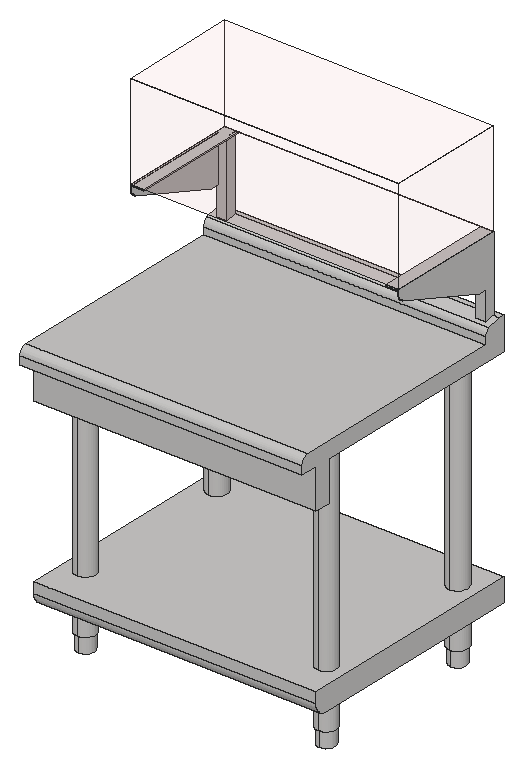
Revit family "QF_MOFFAT WALDORF_BTL8900S-LS", category Specialty Equipment, Revit 2012
Parameters
  Weight in Pounds = 165.3465  # constant formula
  Width [instance] = 900.00 mm  # constant formula
  URL Cutsheet = "www.moffat.com"
  URL = "www.moffat.com"
  Type Mark [instance] = ""
  Status [instance] = ""
  Specification by User [instance] = ""
  Specification by Manufacturer = ""
  Show Clearance [instance] = yes
  Show Casters [instance] = no
  Serial Number = ""
  Seismic Rating = ""
  SMACNA No = ""
  Revision Code [instance] = ""
  Omniclass Number and Title = ""
  NAFEM Spec ID Number = ""
  Model = "BTL8900S-LS"
  Masterspec = ""
  Manufacturer = "MOFFAT WALDORF"
  Legs [instance] = not(Show Casters)  # yes
  Item Number [instance] = ""
  Installed By [instance] = ""
  Identify Quantity as Lot [instance] = yes
  Height = 972.00 mm  # constant formula
  Furnished By [instance] = ""
  Foodservice Equipment Identifier [instance] = yes
  Description = "BENCH TOP LOW SPLASHBACK FOR SALAMANDER ON LEG STAND"
  Depth [instance] = 805.00 mm  # constant formula
  CSI MasterFormat = ""
  CSI Master Format = ""
  Back Splash [instance] = 215.00 mm  # constant formula
Reference planes
  plane 1 "BACK": y = 0
  plane 2: z = 0
  plane 3 "LEFT": x = 0
  plane 4 "RIGHT": x = 900
  plane 5 "FRONT": y = -805
  plane 6 "TOP": z = 972
  plane 7 "Center Y": x = 450
  plane 8 "Center X": y = -402.5
  plane 9 "Base Height": z = 150
  plane 10: z = 915
  plane 11: x = 65
  plane 12: x = 834
  plane 13: y = -625
  plane 14: y = -100
  plane 15: x = 21.48
Forms (mm)
  Extrusion 1, solid, material "QF_Finishes_Stainless Steel"
    sketch origin (0, 0, 0) x (0, 1, 0) y (0, 0, 1)
      loop
        line (0, 222.5) -> (-749, 222.5) -> (-749, 188)
        arc (-749, 188) -> (-737.87, 161.13) -> (-711, 150) r 38
        line (-711, 150) -> (0, 150) -> (0, 222.5)
      loop
        line (-805, 893) -> (-805, 868) -> (-749, 868) -> (-749, 740) -> (-699, 740) -> (-699, 868) -> (0, 868) -> (0, 972) -> (-16.5, 972) -> (-58, 960.88)
        arc (-58, 960.88) -> (-66.785, 952.095) -> (-70, 940.095) r 24
        line (-70, 940.095) -> (-70, 917) -> (-781, 917)
        arc (-781, 917) -> (-797.971, 909.971) -> (-805, 893) r 24
    from 0 to 900
  Extrusion 2, solid, material "QF_Finishes_Stainless Steel"
    sketch origin (0, -699, 222.5) x (0, -1, 0) y (1, 0, 0)
      loop
        circle (-599, 65) r 31.75
      loop
        circle (-599, 834) r 31.75
      loop
        circle (-74, 65) r 31.75
      loop
        circle (-74, 834) r 31.75
    from 0 to 645.5
  Revolve 3, solid, material "QF_Finishes_Stainless Steel", visible <- "Legs"
    sketch origin (834, -210, 0) x (0, 1, 0) y (0, 0, -1)
      loop
        line (78.25, -150) -> (110, -150) -> (110, 0) -> (82.5, 0) -> (82.5, -50) -> (78.25, -50) -> (78.25, -150)
      axis (110, -150) -> (110, 0)
    angle from 0 to 360
  Revolve 4, solid, material "QF_Finishes_Stainless Steel"
    sketch origin (834, -735, 0) x (0, 1, 0) y (0, 0, -1)
      loop
        line (78.25, -150) -> (110, -150) -> (110, 0) -> (82.5, 0) -> (82.5, -50) -> (78.25, -50) -> (78.25, -150)
      axis (110, -150) -> (110, 0)
    angle from 0 to 360
  Revolve 5, solid, material "QF_Finishes_Stainless Steel", visible <- "Legs"
    sketch origin (65, -210, 0) x (0, 1, 0) y (0, 0, -1)
      loop
        line (78.25, -150) -> (110, -150) -> (110, 0) -> (82.5, 0) -> (82.5, -50) -> (78.25, -50) -> (78.25, -150)
      axis (110, -150) -> (110, 0)
    angle from 0 to 360
  Revolve 6, solid, material "QF_Finishes_Stainless Steel"
    sketch origin (65, -735, 0) x (0, 1, 0) y (0, 0, -1)
      loop
        line (78.25, -150) -> (110, -150) -> (110, 0) -> (82.5, 0) -> (82.5, -50) -> (78.25, -50) -> (78.25, -150)
      axis (110, -150) -> (110, 0)
    angle from 0 to 360
  Extrusion 7, solid, material "QF_Finishes_Stainless Steel"
    sketch origin (0, 0, 0) x (0, 1, 0) y (0, 0, 1)
      loop
        line (-13, 1204.5) -> (-45, 1204.5) -> (-45, 964.363) -> (-16.5, 972) -> (-13, 972) -> (-13, 1204.5)
    from 21.5 to 53.5
  Extrusion 8, solid, material "QF_Finishes_Stainless Steel"
    sketch origin (-0.02, 0, -158) x (0, 1, 0) y (0, 0, 1)
      loop
        line (-391, 1365) -> (-391, 1352.344)
        arc (-391, 1352.344) -> (-386.541, 1338.094) -> (-374.754, 1328.927) r 25
        line (-374.754, 1328.927) -> (-70, 1215) -> (-13, 1215) -> (-13, 1365) -> (-391, 1365)
    from 21.5 to 24.592
  Extrusion 9, solid, material "QF_Finishes_Stainless Steel"
    sketch origin (0, -391, 1204.5) x (0, 1, 0) y (-1, 0, 0)
      loop
        line (378, -24.592) -> (0, -24.592) -> (0, -64) -> (378, -64) -> (378, -24.592)
    from 0 to 2.5
  Extrusion 10, solid, material "QF_Finishes_Stainless Steel"
    sketch origin (900, 0, 0) x (0, -1, 0) y (0, 0, 1)
      loop
        line (13, 1204.5) -> (13, 972) -> (16.5, 972) -> (45, 964.363) -> (45, 1204.5) -> (13, 1204.5)
    from 21.5 to 53.5
  Extrusion 11, solid, material "QF_Finishes_Stainless Steel"
    sketch origin (900, 0, 0) x (0, -1, 0) y (0, 0, 1)
      loop
        line (391, 1207) -> (13, 1207) -> (13, 1057) -> (70, 1057) -> (374.754, 1170.927)
        arc (374.754, 1170.927) -> (386.541, 1180.094) -> (391, 1194.344) r 25
        line (391, 1194.344) -> (391, 1207)
    from 21.5 to 24.592
  Extrusion 12, solid, material "QF_Finishes_Stainless Steel"
    sketch origin (900, -391, 1204.5) x (0, 1, 0) y (-1, 0, 0)
      loop
        line (378, 24.592) -> (378, 64) -> (0, 64) -> (0, 24.592) -> (378, 24.592)
    from 0 to 2.5
  Extrusion 13, solid, material "QF_Clearance", visible <- "Show Clearance"
    sketch origin (0, -391, 1207) x (0, 1, 0) y (-1, 0, 0)
      loop
        line (0, -21.48) -> (0, -878.5) -> (378, -878.5) -> (378, -21.48) -> (0, -21.48)
    from 0 to 304.8
Cuts and joins
  joined: Extrusion 7, Extrusion 8, Extrusion 9
  joined: Extrusion 10, Extrusion 11, Extrusion 12
Lines and regions (mm)
  Split face 1
    outline origin (0, -16.5, 972) x (0, -0.965926, -0.258819) y (1, 0, 0)
      loop
        line (1.962, 129.583) -> (29.642, 129.583) -> (29.642, 149.583) -> (1.962, 149.583) -> (1.962, 129.583)
  Split face 2
    outline origin (0, -16.5, 972) x (0, -0.965926, -0.258819) y (1, 0, 0)
      loop
        line (29.642, 156.5) -> (29.642, 176.5) -> (1.962, 176.5) -> (1.962, 156.5) -> (29.642, 156.5)
  Split face 3
    outline origin (0, -16.5, 972) x (0, -0.965926, -0.258819) y (1, 0, 0)
      loop
        line (29.642, 203.5) -> (1.962, 203.5) -> (1.962, 183.5) -> (29.642, 183.5) -> (29.642, 203.5)
  Split face 4
    outline origin (0, -16.5, 972) x (0, -0.965926, -0.258819) y (1, 0, 0)
      loop
        line (29.642, 230.5) -> (1.962, 230.5) -> (1.962, 210.5) -> (29.642, 210.5) -> (29.642, 230.5)
  Split face 5
    outline origin (0, -16.5, 972) x (0, -0.965926, -0.258819) y (1, 0, 0)
      loop
        line (29.642, 257.5) -> (1.962, 257.5) -> (1.962, 237.5) -> (29.642, 237.5) -> (29.642, 257.5)
  Split face 6
    outline origin (0, -16.5, 972) x (0, -0.965926, -0.258819) y (1, 0, 0)
      loop
        line (29.642, 264.5) -> (29.642, 284.5) -> (1.962, 284.5) -> (1.962, 264.5) -> (29.642, 264.5)
  Split face 7
    outline origin (0, -16.5, 972) x (0, -0.965926, -0.258819) y (1, 0, 0)
      loop
        line (29.642, 311.5) -> (1.962, 311.5) -> (1.962, 291.5) -> (29.642, 291.5) -> (29.642, 311.5)
  Split face 8
    outline origin (0, -16.5, 972) x (0, -0.965926, -0.258819) y (1, 0, 0)
      loop
        line (1.962, 338.5) -> (1.962, 318.5) -> (29.642, 318.5) -> (29.642, 338.5) -> (1.962, 338.5)
  Split face 9
    outline origin (0, -16.5, 972) x (0, -0.965926, -0.258819) y (1, 0, 0)
      loop
        line (1.962, 345.5) -> (29.642, 345.5) -> (29.642, 365.5) -> (1.962, 365.5) -> (1.962, 345.5)
  Split face 10
    outline origin (0, -16.5, 972) x (0, -0.965926, -0.258819) y (1, 0, 0)
      loop
        line (29.642, 372.5) -> (29.642, 392.5) -> (1.962, 392.5) -> (1.962, 372.5) -> (29.642, 372.5)
  Split face 11
    outline origin (0, -16.5, 972) x (0, -0.965926, -0.258819) y (1, 0, 0)
      loop
        line (29.642, 399.5) -> (29.642, 419.5) -> (1.962, 419.5) -> (1.962, 399.5) -> (29.642, 399.5)
  Split face 12
    outline origin (0, -16.5, 972) x (0, -0.965926, -0.258819) y (1, 0, 0)
      loop
        line (29.642, 426.5) -> (29.642, 446.5) -> (1.962, 446.5) -> (1.962, 426.5) -> (29.642, 426.5)
  Split face 13
    outline origin (0, -16.5, 972) x (0, -0.965926, -0.258819) y (1, 0, 0)
      loop
        line (1.962, 453.5) -> (29.642, 453.5) -> (29.642, 473.5) -> (1.962, 473.5) -> (1.962, 453.5)
  Split face 14
    outline origin (0, -16.5, 972) x (0, -0.965926, -0.258819) y (1, 0, 0)
      loop
        line (1.962, 500.5) -> (1.962, 480.5) -> (29.642, 480.5) -> (29.642, 500.5) -> (1.962, 500.5)
  Split face 15
    outline origin (0, -16.5, 972) x (0, -0.965926, -0.258819) y (1, 0, 0)
      loop
        line (29.642, 527.5) -> (1.962, 527.5) -> (1.962, 507.5) -> (29.642, 507.5) -> (29.642, 527.5)
  Split face 16
    outline origin (0, -16.5, 972) x (0, -0.965926, -0.258819) y (1, 0, 0)
      loop
        line (29.642, 534.5) -> (29.642, 554.5) -> (1.962, 554.5) -> (1.962, 534.5) -> (29.642, 534.5)
  Split face 17
    outline origin (0, -16.5, 972) x (0, -0.965926, -0.258819) y (1, 0, 0)
      loop
        line (29.642, 581.5) -> (1.962, 581.5) -> (1.962, 561.5) -> (29.642, 561.5) -> (29.642, 581.5)
  Split face 18
    outline origin (0, -16.5, 972) x (0, -0.965926, -0.258819) y (1, 0, 0)
      loop
        line (29.642, 588.5) -> (29.642, 608.5) -> (1.962, 608.5) -> (1.962, 588.5) -> (29.642, 588.5)
  Split face 19
    outline origin (0, -16.5, 972) x (0, -0.965926, -0.258819) y (1, 0, 0)
      loop
        line (29.642, 615.5) -> (29.642, 635.5) -> (1.962, 635.5) -> (1.962, 615.5) -> (29.642, 615.5)
  Split face 20
    outline origin (0, -16.5, 972) x (0, -0.965926, -0.258819) y (1, 0, 0)
      loop
        line (29.642, 662.5) -> (1.962, 662.5) -> (1.962, 642.5) -> (29.642, 642.5) -> (29.642, 662.5)
  Split face 21
    outline origin (0, -16.5, 972) x (0, -0.965926, -0.258819) y (1, 0, 0)
      loop
        line (29.642, 669.5) -> (29.642, 689.5) -> (1.962, 689.5) -> (1.962, 669.5) -> (29.642, 669.5)
  Split face 22
    outline origin (0, -16.5, 972) x (0, -0.965926, -0.258819) y (1, 0, 0)
      loop
        line (29.642, 696.5) -> (29.642, 716.5) -> (1.962, 716.5) -> (1.962, 696.5) -> (29.642, 696.5)
  Split face 23
    outline origin (0, -16.5, 972) x (0, -0.965926, -0.258819) y (1, 0, 0)
      loop
        line (29.642, 743.5) -> (1.962, 743.5) -> (1.962, 723.5) -> (29.642, 723.5) -> (29.642, 743.5)
  Split face 24
    outline origin (0, -16.5, 972) x (0, -0.965926, -0.258819) y (1, 0, 0)
      loop
        line (1.962, 750.5) -> (29.642, 750.5) -> (29.642, 770.5) -> (1.962, 770.5) -> (1.962, 750.5)
  symbolic lines
    curve 1: line (0, 0, 0) -> (0, -805, 0)
    curve 2: line (900, 0, 0) -> (0, 0, 0)
    curve 3: line (900, -805, 0) -> (900, 0, 0)
    curve 4: line (0, -70, 0) -> (21.48, -70, 0)
    curve 5: line (0, -805, 0) -> (900, -805, 0)
    curve 6: line (129.583, -22.262, 0) -> (129.583, -50.526, 0)
    curve 7: line (129.583, -50.526, 0) -> (149.583, -50.526, 0)
    curve 8: line (149.583, -50.526, 0) -> (149.583, -22.262, 0)
    curve 9: line (149.583, -22.262, 0) -> (129.583, -22.262, 0)
    curve 10: line (156.5, -22.262, 0) -> (156.5, -50.526, 0)
    curve 11: line (156.5, -50.526, 0) -> (176.5, -50.526, 0)
    curve 12: line (176.5, -50.526, 0) -> (176.5, -22.262, 0)
    curve 13: line (176.5, -22.262, 0) -> (156.5, -22.262, 0)
    curve 14: line (183.5, -22.262, 0) -> (183.5, -50.526, 0)
    curve 15: line (183.5, -50.526, 0) -> (203.5, -50.526, 0)
    curve 16: line (203.5, -50.526, 0) -> (203.5, -22.262, 0)
    curve 17: line (203.5, -22.262, 0) -> (183.5, -22.262, 0)
    curve 18: line (210.5, -22.262, 0) -> (210.5, -50.526, 0)
    curve 19: line (210.5, -50.526, 0) -> (230.5, -50.526, 0)
    curve 20: line (230.5, -50.526, 0) -> (230.5, -22.262, 0)
    curve 21: line (230.5, -22.262, 0) -> (210.5, -22.262, 0)
    curve 22: line (237.5, -22.262, 0) -> (237.5, -50.526, 0)
    curve 23: line (237.5, -50.526, 0) -> (257.5, -50.526, 0)
    curve 24: line (257.5, -50.526, 0) -> (257.5, -22.262, 0)
    curve 25: line (257.5, -22.262, 0) -> (237.5, -22.262, 0)
    curve 26: line (264.5, -22.262, 0) -> (264.5, -50.526, 0)
    curve 27: line (264.5, -50.526, 0) -> (284.5, -50.526, 0)
    curve 28: line (284.5, -50.526, 0) -> (284.5, -22.262, 0)
    curve 29: line (284.5, -22.262, 0) -> (264.5, -22.262, 0)
    curve 30: line (291.5, -22.262, 0) -> (291.5, -50.526, 0)
    curve 31: line (291.5, -50.526, 0) -> (311.5, -50.526, 0)
    curve 32: line (311.5, -50.526, 0) -> (311.5, -22.262, 0)
    curve 33: line (311.5, -22.262, 0) -> (291.5, -22.262, 0)
    curve 34: line (318.5, -22.262, 0) -> (318.5, -50.526, 0)
    curve 35: line (318.5, -50.526, 0) -> (338.5, -50.526, 0)
    curve 36: line (338.5, -50.526, 0) -> (338.5, -22.262, 0)
    curve 37: line (338.5, -22.262, 0) -> (318.5, -22.262, 0)
    curve 38: line (345.5, -22.262, 0) -> (345.5, -50.526, 0)
    curve 39: line (345.5, -50.526, 0) -> (365.5, -50.526, 0)
    curve 40: line (365.5, -50.526, 0) -> (365.5, -22.262, 0)
    curve 41: line (365.5, -22.262, 0) -> (345.5, -22.262, 0)
    curve 42: line (372.5, -22.262, 0) -> (372.5, -50.526, 0)
    curve 43: line (372.5, -50.526, 0) -> (392.5, -50.526, 0)
    curve 44: line (392.5, -50.526, 0) -> (392.5, -22.262, 0)
    curve 45: line (392.5, -22.262, 0) -> (372.5, -22.262, 0)
    curve 46: line (399.5, -22.262, 0) -> (399.5, -50.526, 0)
    curve 47: line (399.5, -50.526, 0) -> (419.5, -50.526, 0)
    curve 48: line (419.5, -50.526, 0) -> (419.5, -22.262, 0)
    curve 49: line (419.5, -22.262, 0) -> (399.5, -22.262, 0)
    curve 50: line (426.5, -22.262, 0) -> (426.5, -50.526, 0)
    curve 51: line (426.5, -50.526, 0) -> (446.5, -50.526, 0)
    curve 52: line (446.5, -50.526, 0) -> (446.5, -22.262, 0)
    curve 53: line (446.5, -22.262, 0) -> (426.5, -22.262, 0)
    curve 54: line (453.5, -22.262, 0) -> (453.5, -50.526, 0)
    curve 55: line (453.5, -50.526, 0) -> (473.5, -50.526, 0)
    curve 56: line (473.5, -50.526, 0) -> (473.5, -22.262, 0)
    curve 57: line (473.5, -22.262, 0) -> (453.5, -22.262, 0)
    curve 58: line (480.5, -22.262, 0) -> (480.5, -50.526, 0)
    curve 59: line (480.5, -50.526, 0) -> (500.5, -50.526, 0)
    curve 60: line (500.5, -50.526, 0) -> (500.5, -22.262, 0)
    curve 61: line (500.5, -22.262, 0) -> (480.5, -22.262, 0)
    curve 62: line (507.5, -22.262, 0) -> (507.5, -50.526, 0)
    curve 63: line (507.5, -50.526, 0) -> (527.5, -50.526, 0)
    curve 64: line (527.5, -50.526, 0) -> (527.5, -22.262, 0)
    curve 65: line (527.5, -22.262, 0) -> (507.5, -22.262, 0)
    curve 66: line (534.5, -22.262, 0) -> (534.5, -50.526, 0)
    curve 67: line (534.5, -50.526, 0) -> (554.5, -50.526, 0)
    curve 68: line (554.5, -50.526, 0) -> (554.5, -22.262, 0)
    curve 69: line (554.5, -22.262, 0) -> (534.5, -22.262, 0)
    curve 70: line (561.5, -22.262, 0) -> (561.5, -50.526, 0)
    curve 71: line (561.5, -50.526, 0) -> (581.5, -50.526, 0)
    curve 72: line (581.5, -50.526, 0) -> (581.5, -22.262, 0)
    curve 73: line (581.5, -22.262, 0) -> (561.5, -22.262, 0)
    curve 74: line (588.5, -22.262, 0) -> (588.5, -50.526, 0)
    curve 75: line (588.5, -50.526, 0) -> (608.5, -50.526, 0)
    curve 76: line (608.5, -50.526, 0) -> (608.5, -22.262, 0)
    curve 77: line (608.5, -22.262, 0) -> (588.5, -22.262, 0)
    curve 78: line (615.5, -22.262, 0) -> (615.5, -50.526, 0)
    curve 79: line (615.5, -50.526, 0) -> (635.5, -50.526, 0)
    curve 80: line (635.5, -50.526, 0) -> (635.5, -22.262, 0)
    curve 81: line (635.5, -22.262, 0) -> (615.5, -22.262, 0)
    curve 82: line (642.5, -22.262, 0) -> (642.5, -50.526, 0)
    curve 83: line (642.5, -50.526, 0) -> (662.5, -50.526, 0)
    curve 84: line (662.5, -50.526, 0) -> (662.5, -22.262, 0)
    curve 85: line (662.5, -22.262, 0) -> (642.5, -22.262, 0)
    curve 86: line (669.5, -22.262, 0) -> (669.5, -50.526, 0)
    curve 87: line (669.5, -50.526, 0) -> (689.5, -50.526, 0)
    curve 88: line (689.5, -50.526, 0) -> (689.5, -22.262, 0)
    curve 89: line (689.5, -22.262, 0) -> (669.5, -22.262, 0)
    curve 90: line (696.5, -22.262, 0) -> (696.5, -50.526, 0)
    curve 91: line (696.5, -50.526, 0) -> (716.5, -50.526, 0)
    curve 92: line (716.5, -50.526, 0) -> (716.5, -22.262, 0)
    curve 93: line (716.5, -22.262, 0) -> (696.5, -22.262, 0)
    curve 94: line (723.5, -22.262, 0) -> (723.5, -50.526, 0)
    curve 95: line (723.5, -50.526, 0) -> (743.5, -50.526, 0)
    curve 96: line (743.5, -50.526, 0) -> (743.5, -22.262, 0)
    curve 97: line (743.5, -22.262, 0) -> (723.5, -22.262, 0)
    curve 98: line (750.5, -22.262, 0) -> (750.5, -50.526, 0)
    curve 99: line (750.5, -50.526, 0) -> (770.5, -50.526, 0)
    curve 100: line (770.5, -50.526, 0) -> (770.5, -22.262, 0)
    curve 101: line (770.5, -22.262, 0) -> (750.5, -22.262, 0)
    curve 102: line (21.48, -391, 0) -> (21.48, -13, 0)
    curve 103: line (24.592, -391, 0) -> (64, -391, 0)
    curve 104: line (64, -391, 0) -> (64, -13, 0)
    curve 105: line (64, -13, 0) -> (21.48, -13, 0)
    curve 106: line (878.52, -391, 0) -> (878.52, -13, 0)
    curve 107: line (875.408, -391, 0) -> (836, -391, 0)
    curve 108: line (836, -391, 0) -> (836, -13, 0)
    curve 109: line (836, -13, 0) -> (878.52, -13, 0)
    curve 110: line (64, -70, 0) -> (836, -70, 0)
    curve 111: line (878.52, -70, 0) -> (900, -70, 0)
  symbolic lines, style "QF_Clearances", visible <- "Show Clearance"
    curve 112: line (21.48, -391, 0) -> (878.5, -391, 0)
    curve 113: line (878.5, -391, 0) -> (878.5, -13, 0)
    curve 114: line (878.5, -13, 0) -> (21.48, -13, 0)
    curve 115: line (21.48, -13, 0) -> (21.48, -391, 0)
Dimensions and locks
  equal spacing: plane 3 "LEFT", plane 7 "Center Y", plane 4 "RIGHT"
  "Width": plane 3 "LEFT" to plane 4 "RIGHT"
  equal spacing: plane 5 "FRONT", plane 8 "Center X", plane 1 "BACK"
  "Depth": plane 5 "FRONT" to plane 1 "BACK"
  locked: plane 10 to level at 915
  locked: plane 9 "Base Height" to level at 150
  plane 6 "TOP" to plane 10 = 57.00 mm
  plane 13 to plane 14 = 525.00 mm
  plane 12 to plane 11 = 769.00 mm
  "Height": plane 6 "TOP" to level
  aligned and locked: level to plane 2
Automatic sketch dimensions
  curve 1 to plane 3 "LEFT" = 0.00 mm
  curve 102 to plane 15 = 0.00 mm
  plane 1 "BACK" to curve 3 = 0.00 mm
  curve 3 to plane 4 "RIGHT" = 0.00 mm
  plane 5 "FRONT" to curve 5 = 0.00 mm
  curve 102 to curve 103 = 3.112 mm
  curve 103 to plane 11 = 1.00 mm
  plane 11 to curve 7 = 64.583 mm
  curve 6 to curve 9 = 20.00 mm
  curve 7 to curve 11 = 6.917 mm
  curve 10 to curve 12 = 20.00 mm
  curve 12 to curve 14 = 7.00 mm
  curve 14 to curve 16 = 20.00 mm
  curve 15 to curve 19 = 7.00 mm
  curve 18 to curve 21 = 20.00 mm
  curve 19 to curve 23 = 7.00 mm
  curve 22 to curve 23 = 20.00 mm
  curve 23 to curve 27 = 7.00 mm
  curve 26 to curve 28 = 20.00 mm
  curve 28 to curve 30 = 7.00 mm
  curve 30 to curve 33 = 20.00 mm
  curve 31 to curve 35 = 7.00 mm
  curve 34 to curve 37 = 20.00 mm
  curve 35 to curve 39 = 7.00 mm
  curve 38 to curve 40 = 20.00 mm
  curve 40 to curve 42 = 7.00 mm
  curve 42 to curve 44 = 20.00 mm
  curve 43 to curve 46 = 7.00 mm
  curve 46 to curve 49 = 20.00 mm
  curve 48 to curve 50 = 7.00 mm
  curve 51 to plane 7 "Center Y" = 3.50 mm
  plane 7 "Center Y" to curve 55 = 3.50 mm
  curve 54 to curve 56 = 20.00 mm
  curve 56 to curve 58 = 7.00 mm
  curve 58 to curve 61 = 20.00 mm
  curve 60 to curve 62 = 7.00 mm
  curve 62 to curve 65 = 20.00 mm
  curve 64 to curve 66 = 7.00 mm
  curve 66 to curve 69 = 20.00 mm
  curve 68 to curve 70 = 7.00 mm
  curve 70 to curve 73 = 20.00 mm
  curve 71 to curve 74 = 7.00 mm
  curve 74 to curve 77 = 20.00 mm
  curve 76 to curve 78 = 7.00 mm
  curve 78 to curve 81 = 20.00 mm
  curve 80 to curve 82 = 7.00 mm
  curve 82 to curve 85 = 20.00 mm
  curve 84 to curve 86 = 7.00 mm
  curve 86 to curve 89 = 20.00 mm
  curve 87 to curve 91 = 7.00 mm
  curve 90 to curve 92 = 20.00 mm
  curve 92 to curve 94 = 7.00 mm
  curve 94 to curve 96 = 20.00 mm
  curve 95 to curve 99 = 7.00 mm
  curve 98 to curve 100 = 20.00 mm
  curve 109 to plane 12 = 2.00 mm
  plane 8 "Center X" to curve 107 = 11.50 mm
  plane 4 "RIGHT" to curve 107 = 24.592 mm
  plane 4 "RIGHT" to curve 106 = 21.48 mm
  plane 8 "Center X" to curve 103 = 11.50 mm
  curve 107 to curve 106 = 0.00 mm
  curve 102 to curve 103 = 0.00 mm
  plane 14 to curve 111 = 30.00 mm
  plane 14 to curve 8 = 49.474 mm
  plane 14 to curve 100 = 49.474 mm
  curve 7 to curve 10 = 0.00 mm
  curve 96 to curve 98 = 0.00 mm  (x2)
  curve 11 to curve 14 = 0.00 mm
  curve 92 to curve 94 = 0.00 mm  (x2)
  curve 15 to curve 18 = 0.00 mm
  curve 88 to curve 90 = 0.00 mm  (x2)
  curve 19 to curve 22 = 0.00 mm
  curve 84 to curve 86 = 0.00 mm  (x2)
  curve 23 to curve 26 = 0.00 mm
  curve 80 to curve 82 = 0.00 mm  (x2)
  curve 27 to curve 30 = 0.00 mm
  curve 76 to curve 78 = 0.00 mm  (x2)
  curve 31 to curve 34 = 0.00 mm
  curve 72 to curve 74 = 0.00 mm  (x2)
  curve 35 to curve 38 = 0.00 mm
  curve 68 to curve 70 = 0.00 mm  (x2)
  curve 39 to curve 42 = 0.00 mm
  curve 64 to curve 66 = 0.00 mm  (x2)
  curve 43 to curve 46 = 0.00 mm
  curve 60 to curve 62 = 0.00 mm  (x2)
  curve 47 to curve 50 = 0.00 mm
  curve 56 to curve 58 = 0.00 mm  (x2)
  plane 1 "BACK" to curve 54 = 22.262 mm
  plane 1 "BACK" to curve 53 = 22.262 mm
  plane 1 "BACK" to curve 49 = 22.262 mm
  plane 1 "BACK" to curve 45 = 22.262 mm
  plane 1 "BACK" to curve 41 = 22.262 mm
  plane 1 "BACK" to curve 37 = 22.262 mm
  plane 1 "BACK" to curve 33 = 22.262 mm
  plane 1 "BACK" to curve 29 = 22.262 mm
  plane 1 "BACK" to curve 25 = 22.262 mm
  plane 1 "BACK" to curve 21 = 22.262 mm
  plane 1 "BACK" to curve 17 = 22.262 mm
  plane 1 "BACK" to curve 13 = 22.262 mm
  plane 1 "BACK" to curve 9 = 22.262 mm
  plane 1 "BACK" to curve 104 = 13.00 mm
  plane 1 "BACK" to curve 108 = 13.00 mm
  Extrusion 2 sketch curve to Extrusion 2 sketch curve = 0.00 mm  (x8)
  Extrusion 1 to Extrusion 2 sketch curve = 68.25 mm  (x2)
  Extrusion 2 sketch curve to Extrusion 2 sketch curve = 31.75 mm  (x4)
  Extrusion 1 to Extrusion 2 sketch curve = 155.75 mm  (x2)
  Extrusion 1 to Extrusion 2 sketch curve = 65.00 mm  (x2)
  Extrusion 1 to Extrusion 2 sketch curve = 66.00 mm  (x2)
  Revolve 3 sketch curve to plane 9 "Base Height" = 0.00 mm
  Revolve 3 sketch curve to level = 0.00 mm
  Revolve 3 sketch curve to plane 14 = 0.00 mm  (x2)
  Revolve 3 sketch curve to plane 14 = 27.50 mm
  Revolve 3 sketch curve to plane 14 = 31.75 mm
  level to Revolve 3 sketch curve = 50.00 mm
  Revolve 3 sketch curve to Revolve 3 sketch curve = 0.00 mm
  Revolve 3 sketch curve to Revolve 3 sketch curve = 55.00 mm
  Revolve 4 sketch curve to plane 9 "Base Height" = 0.00 mm
  Revolve 4 sketch curve to level = 0.00 mm
  Revolve 4 sketch curve to plane 13 = 0.00 mm  (x2)
  Revolve 4 sketch curve to plane 13 = 27.50 mm
  Revolve 4 sketch curve to plane 13 = 31.75 mm
  level to Revolve 4 sketch curve = 50.00 mm
  Revolve 4 sketch curve to Revolve 4 sketch curve = 0.00 mm
  Revolve 4 sketch curve to Revolve 4 sketch curve = 55.00 mm
  Revolve 5 sketch curve to plane 9 "Base Height" = 0.00 mm
  Revolve 5 sketch curve to level = 0.00 mm
  Revolve 5 sketch curve to plane 14 = 0.00 mm  (x2)
  Revolve 5 sketch curve to plane 14 = 27.50 mm
  Revolve 5 sketch curve to plane 14 = 31.75 mm
  level to Revolve 5 sketch curve = 50.00 mm
  Revolve 5 sketch curve to Revolve 5 sketch curve = 0.00 mm
  Revolve 5 sketch curve to Revolve 5 sketch curve = 55.00 mm
  Revolve 6 sketch curve to plane 9 "Base Height" = 0.00 mm
  Revolve 6 sketch curve to level = 0.00 mm
  Revolve 6 sketch curve to plane 13 = 0.00 mm  (x2)
  Revolve 6 sketch curve to plane 13 = 27.50 mm
  Revolve 6 sketch curve to plane 13 = 31.75 mm
  level to Revolve 6 sketch curve = 50.00 mm
  Revolve 6 sketch curve to Revolve 6 sketch curve = 0.00 mm
  Revolve 6 sketch curve to Revolve 6 sketch curve = 55.00 mm
  Extrusion 1 to Split face 1 sketch curve = 1.962 mm
  Split face 1 sketch curve to Extrusion 1 = 13.322 mm
  Split face 1 sketch curve to Extrusion 1 = 129.583 mm
  Split face 1 sketch curve to Split face 1 sketch curve = 20.00 mm
  Extrusion 1 to Split face 2 sketch curve = 1.962 mm
  Split face 2 sketch curve to Extrusion 1 = 13.322 mm
  Split face 2 sketch curve to Extrusion 1 = 156.50 mm
  Split face 2 sketch curve to Split face 2 sketch curve = 20.00 mm
  Extrusion 1 to Split face 3 sketch curve = 1.962 mm
  Split face 3 sketch curve to Extrusion 1 = 13.322 mm
  Split face 3 sketch curve to Extrusion 1 = 183.50 mm
  Split face 3 sketch curve to Split face 3 sketch curve = 20.00 mm
  Extrusion 1 to Split face 4 sketch curve = 1.962 mm
  Split face 4 sketch curve to Extrusion 1 = 13.322 mm
  Split face 4 sketch curve to Extrusion 1 = 210.50 mm
  Split face 4 sketch curve to Split face 4 sketch curve = 20.00 mm
  Extrusion 1 to Split face 5 sketch curve = 1.962 mm
  Split face 5 sketch curve to Extrusion 1 = 13.322 mm
  Split face 5 sketch curve to Extrusion 1 = 237.50 mm
  Split face 5 sketch curve to Split face 5 sketch curve = 20.00 mm
  Extrusion 1 to Split face 6 sketch curve = 1.962 mm
  Split face 6 sketch curve to Extrusion 1 = 13.322 mm
  Split face 6 sketch curve to Extrusion 1 = 264.50 mm
  Split face 6 sketch curve to Split face 6 sketch curve = 20.00 mm
  Extrusion 1 to Split face 7 sketch curve = 1.962 mm
  Split face 7 sketch curve to Extrusion 1 = 13.322 mm
  Split face 7 sketch curve to Extrusion 1 = 291.50 mm
  Split face 7 sketch curve to Split face 7 sketch curve = 20.00 mm
  Extrusion 1 to Split face 8 sketch curve = 1.962 mm
  Split face 8 sketch curve to Extrusion 1 = 13.322 mm
  Split face 8 sketch curve to Extrusion 1 = 318.50 mm
  Split face 8 sketch curve to Split face 8 sketch curve = 20.00 mm
  Extrusion 1 to Split face 9 sketch curve = 1.962 mm
  Split face 9 sketch curve to Extrusion 1 = 13.322 mm
  Split face 9 sketch curve to Extrusion 1 = 345.50 mm
  Split face 9 sketch curve to Split face 9 sketch curve = 20.00 mm
  Extrusion 1 to Split face 10 sketch curve = 1.962 mm
  Split face 10 sketch curve to Extrusion 1 = 13.322 mm
  Split face 10 sketch curve to Extrusion 1 = 372.50 mm
  Split face 10 sketch curve to Split face 10 sketch curve = 20.00 mm
  Extrusion 1 to Split face 11 sketch curve = 1.962 mm
  Split face 11 sketch curve to Extrusion 1 = 13.322 mm
  Split face 11 sketch curve to Extrusion 1 = 399.50 mm
  Split face 11 sketch curve to Split face 11 sketch curve = 20.00 mm
  Extrusion 1 to Split face 12 sketch curve = 1.962 mm
  Split face 12 sketch curve to Extrusion 1 = 13.322 mm
  Split face 12 sketch curve to Extrusion 1 = 426.50 mm
  Split face 12 sketch curve to Split face 12 sketch curve = 20.00 mm
  Extrusion 1 to Split face 13 sketch curve = 1.962 mm
  Split face 13 sketch curve to Extrusion 1 = 13.322 mm
  Split face 13 sketch curve to Extrusion 1 = 446.50 mm
  Split face 13 sketch curve to Split face 13 sketch curve = 20.00 mm
  Extrusion 1 to Split face 14 sketch curve = 1.962 mm
  Split face 14 sketch curve to Extrusion 1 = 13.322 mm
  Split face 14 sketch curve to Extrusion 1 = 419.50 mm
  Split face 14 sketch curve to Split face 14 sketch curve = 20.00 mm
  Extrusion 1 to Split face 15 sketch curve = 1.962 mm
  Split face 15 sketch curve to Extrusion 1 = 13.322 mm
  Split face 15 sketch curve to Extrusion 1 = 392.50 mm
  Split face 15 sketch curve to Split face 15 sketch curve = 20.00 mm
  Extrusion 1 to Split face 16 sketch curve = 1.962 mm
  Split face 16 sketch curve to Extrusion 1 = 13.322 mm
  Split face 16 sketch curve to Extrusion 1 = 365.50 mm
  Split face 16 sketch curve to Split face 16 sketch curve = 20.00 mm
  Extrusion 1 to Split face 17 sketch curve = 1.962 mm
  Split face 17 sketch curve to Extrusion 1 = 13.322 mm
  Split face 17 sketch curve to Extrusion 1 = 338.50 mm
  Split face 17 sketch curve to Split face 17 sketch curve = 20.00 mm
  Extrusion 1 to Split face 18 sketch curve = 1.962 mm
  Split face 18 sketch curve to Extrusion 1 = 13.322 mm
  Split face 18 sketch curve to Extrusion 1 = 311.50 mm
  Split face 18 sketch curve to Split face 18 sketch curve = 20.00 mm
  Extrusion 1 to Split face 19 sketch curve = 1.962 mm
  Split face 19 sketch curve to Extrusion 1 = 13.322 mm
  Split face 19 sketch curve to Extrusion 1 = 284.50 mm
  Split face 19 sketch curve to Split face 19 sketch curve = 20.00 mm
  Extrusion 1 to Split face 20 sketch curve = 1.962 mm
  Split face 20 sketch curve to Extrusion 1 = 13.322 mm
  Split face 20 sketch curve to Extrusion 1 = 257.50 mm
  Split face 20 sketch curve to Split face 20 sketch curve = 20.00 mm
  Extrusion 1 to Split face 21 sketch curve = 1.962 mm
  Split face 21 sketch curve to Extrusion 1 = 13.322 mm
  Split face 21 sketch curve to Extrusion 1 = 230.50 mm
  Split face 21 sketch curve to Split face 21 sketch curve = 20.00 mm
  Extrusion 1 to Split face 22 sketch curve = 1.962 mm
  Split face 22 sketch curve to Extrusion 1 = 13.322 mm
  Split face 22 sketch curve to Extrusion 1 = 203.50 mm
  Split face 22 sketch curve to Split face 22 sketch curve = 20.00 mm
  Extrusion 1 to Split face 23 sketch curve = 1.962 mm
  Split face 23 sketch curve to Extrusion 1 = 13.322 mm
  Split face 23 sketch curve to Extrusion 1 = 176.50 mm
  Split face 23 sketch curve to Split face 23 sketch curve = 20.00 mm
  Extrusion 1 to Split face 24 sketch curve = 1.962 mm
  Split face 24 sketch curve to Extrusion 1 = 13.322 mm
  Split face 24 sketch curve to Extrusion 1 = 149.50 mm
  Split face 24 sketch curve to Split face 24 sketch curve = 20.00 mm
  Extrusion 7 sketch curve to plane 6 "TOP" = 0.00 mm
  Extrusion 7 sketch curve to plane 6 "TOP" = 7.637 mm
  plane 1 "BACK" to Extrusion 7 sketch curve = 45.00 mm
  plane 1 "BACK" to Extrusion 7 sketch curve = 16.50 mm
  Extrusion 7 sketch curve to Extrusion 7 sketch curve = 3.50 mm
  plane 6 "TOP" to Extrusion 7 sketch curve = 232.50 mm
  plane 8 "Center X" to Extrusion 8 sketch curve = 11.50 mm
  plane 8 "Center X" to Extrusion 8 sketch curve = 27.746 mm
  Extrusion 8 sketch curve to Extrusion 8 sketch curve = 8.754 mm
  plane 14 to Extrusion 8 sketch curve = 30.00 mm
  plane 1 "BACK" to Extrusion 8 sketch curve = 13.00 mm
  plane 6 "TOP" to Extrusion 8 sketch curve = 85.00 mm
  plane 6 "TOP" to Extrusion 8 sketch curve = 198.927 mm
  Extrusion 8 sketch curve to Extrusion 8 sketch curve = 12.656 mm
  Extrusion 7 to Extrusion 9 sketch curve = 0.00 mm
  Extrusion 7 to Extrusion 9 sketch curve = 3.092 mm
  Extrusion 7 to Extrusion 9 sketch curve = 346.00 mm
  Extrusion 9 sketch curve to Extrusion 7 = 10.50 mm
  Extrusion 12 sketch curve to Extrusion 10 = 0.00 mm
  Extrusion 10 to Extrusion 12 sketch curve = 3.092 mm
  Extrusion 10 to Extrusion 12 sketch curve = 346.00 mm
  Extrusion 12 sketch curve to Extrusion 10 = 10.50 mm
  Extrusion 10 sketch curve to plane 6 "TOP" = 0.00 mm
  plane 1 "BACK" to Extrusion 10 sketch curve = 13.00 mm
  Extrusion 10 sketch curve to Extrusion 10 sketch curve = 3.50 mm
  Extrusion 10 sketch curve to Extrusion 10 sketch curve = 28.50 mm
  Extrusion 10 sketch curve to plane 6 "TOP" = 7.637 mm
  plane 6 "TOP" to Extrusion 10 sketch curve = 232.50 mm
  plane 1 "BACK" to Extrusion 11 sketch curve = 13.00 mm
  plane 14 to Extrusion 11 sketch curve = 30.00 mm
  plane 8 "Center X" to Extrusion 11 sketch curve = 36.50 mm
  Extrusion 11 sketch curve to Extrusion 11 sketch curve = 8.754 mm
  plane 8 "Center X" to Extrusion 11 sketch curve = 11.50 mm
  plane 6 "TOP" to Extrusion 11 sketch curve = 85.00 mm
  plane 6 "TOP" to Extrusion 11 sketch curve = 198.927 mm
  Extrusion 11 sketch curve to Extrusion 11 sketch curve = 12.656 mm
  plane 14 to curve 4 = 30.00 mm
  plane 14 to curve 110 = 30.00 mm
  Extrusion 13 sketch curve to Extrusion 9 = 0.00 mm  (x2)
  Extrusion 9 to Extrusion 13 sketch curve = 3.112 mm
  Extrusion 9 to Extrusion 13 sketch curve = 814.50 mm
  curve 114 to curve 106 = 0.02 mm
  Extrusion 1 sketch curve to plane 5 "FRONT" = 0.00 mm
  plane 10 to Extrusion 1 sketch curve = 2.00 mm
  Extrusion 1 sketch curve to plane 9 "Base Height" = 0.00 mm
  Extrusion 1 sketch curve to plane 6 "TOP" = 0.00 mm
  Extrusion 1 sketch curve to plane 1 "BACK" = 0.00 mm  (x2)
  Extrusion 1 sketch curve to plane 5 "FRONT" = 24.00 mm
  Extrusion 1 sketch curve to Extrusion 1 sketch curve = 32.00 mm
  Extrusion 1 sketch curve to plane 5 "FRONT" = 56.00 mm
  Extrusion 1 sketch curve to Extrusion 1 sketch curve = 38.00 mm
  Extrusion 1 sketch curve to Extrusion 1 sketch curve = 50.00 mm
  Extrusion 1 sketch curve to plane 6 "TOP" = 11.12 mm
  Extrusion 1 sketch curve to Extrusion 1 sketch curve = 12.00 mm
  Extrusion 1 sketch curve to Extrusion 1 sketch curve = 24.00 mm
  Extrusion 1 sketch curve to Extrusion 1 sketch curve = 16.50 mm
  Extrusion 1 sketch curve to Extrusion 1 sketch curve = 34.50 mm
  Extrusion 1 sketch curve to Extrusion 1 sketch curve = 153.00 mm
  Extrusion 1 sketch curve to Extrusion 1 sketch curve = 25.00 mm
  Extrusion 1 sketch curve to plane 10 = 47.00 mm
  plane 14 to Extrusion 1 sketch curve = 30.00 mm
Nested families
  nested 1: "BTL8900S-LS-CASTERS" at (65, -100, 0), Show Casters <- "Show Casters", visible <- "Show Casters", type "BTL8900S-LS-CASTERS"
    with Type Mark "", Status "", Specification by User "", Show Casters no, Revision Code "", Item Number "", Installed By "", Identify Quantity as Lot yes, Furnished By "", Foodservice Equipment Identifier yes
  nested 2: "BTL8900S-LS-CASTERS" at (834, -100, 0), Show Casters <- "Show Casters", visible <- "Show Casters", type "BTL8900S-LS-CASTERS"
    with Type Mark "", Status "", Specification by User "", Show Casters no, Revision Code "", Item Number "", Installed By "", Identify Quantity as Lot yes, Furnished By "", Foodservice Equipment Identifier yes
Definition of nested family "BTL8900S-LS-CASTERS"
  Parameters (values of type "BTL8900-LS-CASTERS")
    Weight = ""
    URL Manufacturer = ""
    URL Cutsheet = ""
    URL = ""
    Type Mark [instance] = ""
    Status [instance] = ""
    Specification by User [instance] = ""
    Specification by Manufacturer = ""
    Show Casters [instance] = no
    Serial Number = ""
    Seismic Rating = ""
    SMACNA No = ""
    Revision Code [instance] = ""
    Omniclass Number and Title = ""
    NAFEM Spec ID Number = ""
    Model = ""
    MasterSpec. = ""
    Manufacturer = ""
    Item Number [instance] = ""
    Installed By [instance] = ""
    Identify Quantity as Lot [instance] = yes
    Furnished By [instance] = ""
    Foodservice Equipment Identifier [instance] = yes
    Description = ""
    CSI MasterFormat = ""
    CSI Master Format = ""
    Assembly Code = ""
  Reference planes
    plane 1: z = 0
    plane 2 "RIGHT": x = 0
    plane 3 "FRONT": y = 0
    plane 4 "Base Height": z = 150
  Forms (mm)
    Revolve 1, solid, material "QF_Finishes_Stainless Steel", visible <- "Show Casters"
      sketch origin (0, 56.335, 0) x (0, 1, 0) y (0, 0, 1)
        loop
          line (-56.335, 152.4) -> (-56.335, 141.118) -> (-23.798, 141.118) -> (-23.798, 152.4) -> (-56.335, 152.4)
        axis (-56.335, 141.118) -> (-56.335, 152.4)
      angle from 0 to 360
    Extrusion 2, solid, material "QF_Finishes_Stainless Steel", visible <- "Show Casters"
      sketch origin (-46.049, 56.335, 0) x (0, 1, 0) y (0, 0, 1)
        loop
          line (-85.799, 141.118) -> (-85.799, 133.498) -> (-82.136, 133.498)
          arc (-82.136, 133.498) -> (-79.344, 132.328) -> (-77.146, 130.248) r 8.432
          line (-77.146, 130.248) -> (-39.502, 49.52)
          arc (-39.502, 49.52) -> (-13.784, 46.107) -> (-5.673, 70.75) r 20.32
          arc (-5.673, 70.75) -> (-7.065, 73.611) -> (-8.887, 76.22) r 20.32
          arc (-8.887, 76.22) -> (-9.399, 85.377) -> (-6.626, 94.119) r 25.4
          line (-6.626, 94.119) -> (8.003, 121.632)
          arc (8.003, 121.632) -> (-2.347, 126.31) -> (-13.34, 129.167) r 66.802
          line (-13.34, 129.167) -> (-13.765, 133.498) -> (-26.871, 133.498) -> (-26.871, 141.118) -> (-85.799, 141.118)
      from 20.058 to 22.923
    Extrusion 3, solid, material "QF_Finishes_Stainless Steel", visible <- "Show Casters"
      sketch origin (3.326, 56.335, 0) x (0, 1, 0) y (0, 0, 1)
        loop
          line (-85.799, 141.118) -> (-85.799, 133.498) -> (-82.136, 133.498)
          arc (-82.136, 133.498) -> (-79.344, 132.328) -> (-77.146, 130.248) r 8.432
          line (-77.146, 130.248) -> (-39.502, 49.52)
          arc (-39.502, 49.52) -> (-13.784, 46.107) -> (-5.673, 70.75) r 20.32
          arc (-5.673, 70.75) -> (-7.065, 73.611) -> (-8.887, 76.22) r 20.32
          arc (-8.887, 76.22) -> (-9.399, 85.377) -> (-6.626, 94.119) r 25.4
          line (-6.626, 94.119) -> (8.003, 121.632)
          arc (8.003, 121.632) -> (-2.347, 126.31) -> (-13.34, 129.167) r 66.802
          line (-13.34, 129.167) -> (-13.765, 133.498) -> (-26.871, 133.498) -> (-26.871, 141.118) -> (-85.799, 141.118)
      from 20.058 to 22.923
    Extrusion 4, solid, material "QF_Finishes_Stainless Steel", visible <- "Show Casters"
      sketch origin (-49.224, 56.335, 0) x (0, 1, 0) y (0, 0, 1)
        loop
          line (-85.799, 141.118) -> (-85.799, 133.498) -> (-82.136, 133.498) -> (-18.877, 127.964) -> (7.14, 120.01) -> (8.003, 121.632)
          arc (8.003, 121.632) -> (-2.347, 126.31) -> (-13.34, 129.167) r 66.802
          line (-13.34, 129.167) -> (-13.765, 133.498) -> (-26.871, 133.498) -> (-26.871, 141.118) -> (-85.799, 141.118)
      from 26.098 to 72.56
    Revolve 5, solid, material "QF_Finishes_Stainless Steel", visible <- "Show Casters"
      sketch origin (-49.224, 30.821, 0) x (1, 0, 0) y (0, 0, 1)
        loop
          line (14.841, 63.604) -> (83.584, 63.604) -> (83.584, 67.109) -> (82.314, 68.379) -> (80.79, 68.379) -> (80.79, 71.826) -> (68.644, 71.826) -> (68.644, 81.79) -> (65.088, 83.843) -> (61.683, 104.879) -> (65.881, 104.879) -> (65.881, 111.229) -> (65.088, 111.229) -> (65.088, 117.579)
          arc (65.088, 117.579) -> (62.298, 124.314) -> (55.563, 127.104) r 9.525
          line (55.563, 127.104) -> (42.863, 127.104)
          arc (42.863, 127.104) -> (36.127, 124.314) -> (33.338, 117.579) r 9.525
          line (33.338, 117.579) -> (33.338, 111.229) -> (32.544, 111.229) -> (32.544, 104.879) -> (36.742, 104.879) -> (33.352, 83.932) -> (29.782, 81.871) -> (29.782, 71.826) -> (17.635, 71.826) -> (17.635, 68.379) -> (16.111, 68.379) -> (14.841, 67.109) -> (14.841, 63.604)
        axis (14.841, 63.604) -> (83.584, 63.604)
      angle from 0 to 360
  Lines and regions (mm)
    symbolic lines, style "SpecialityEquipmentHiddenLines", visible <- "Show Casters"
      curve 1: line (18.009, 67.053, 0) -> (45.595, 51.127, 0)
      curve 2: line (-45.491, -42.932, 0) -> (18.009, 67.053, 0)
      curve 3: line (-17.905, -58.859, 0) -> (-45.491, -42.932, 0)
      curve 4: line (45.595, 51.127, 0) -> (-17.905, -58.859, 0)
  Dimensions and locks
    plane 4 "Base Height" to level = 150.00 mm  (x2)
    Revolve 5 sketch curve to Revolve 5 sketch curve = 63.50 mm
    aligned and locked: level to plane 1
